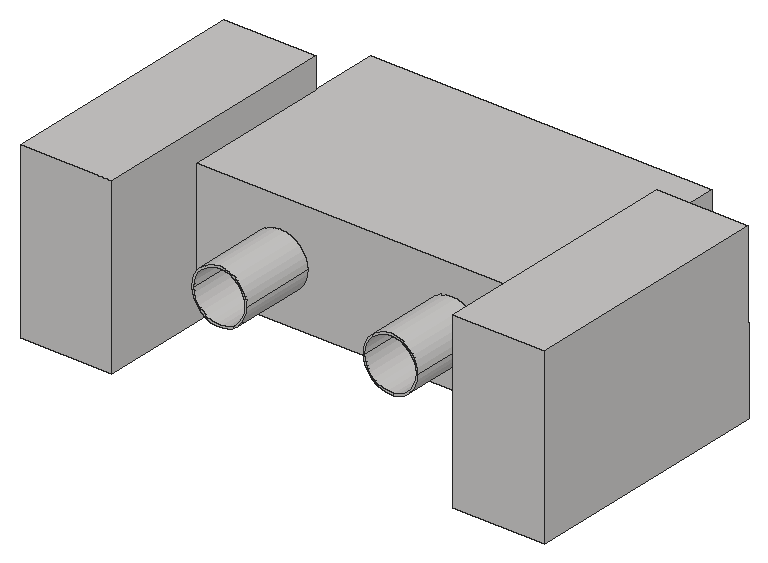
Revit family
Parameters
  Width = 2' - 0 1/8"
  Unit Weight = "38.0 lbs"
  URL = "http://www.titus-hvac.com/"
  UL = "181"
  SteriLoc Liner = Liner Option = 3  # no
  Outlet Width = Width  # 2' - 0 1/8"
  Outlet Height = Height  # 0' - 8"
  Nominal Width = Width + 1' 1"  # 3' - 1 1/8"
  Nominal Length = Length + Inlet Length  # 1' - 10 7/8"
  Nominal Inlet Size = 0' - 4"
  Nominal Height = 1' - 0 1/4"
  NFPA = "90A"
  Model = "DEDV"
  Min. Air Flow = 0 CFM
  Max. Air Flow = 225 CFM
  Material = Steel
  Manufacturer = "Titus"
  Length = 1' - 3 1/2"
  Inlet Void Radius = Inlet Radius - 0' 0 1/8"  # 0' - 1 13/16"
  Inlet Radius = Inlet Diameter / 2  # 0' - 1 15/16"
  Inlet Offset = 1' - 0 1/8"
  Inlet Length = 0' - 7 3/8"
  Inlet Diameter = Nominal Inlet Size - 0' 0 1/8"  # 0' - 3 7/8"
  Height = 0' - 8"
  Heat Air Pressure Drop [instance] = 0.00 in-wg
  Heat Air Flow [instance] = 0 CFM
  Fiber Free Liner = Liner Option = 2  # no
  Duct Radius = Nominal Inlet Size / 2  # 0' - 2"
  Design Air Flow [instance] = 0 CFM
  Description = "Dual Duct Terminal Unit, Direct Digital Control, Pressure Independent, without Integral Mixer/Attenuator"
  Liner Option = 0
  Cool Air Pressure Drop [instance] = 0.00 in-wg
  Cool Air Flow [instance] = 0 CFM
  Control Box Offset = 0' - 5 3/8"
  CADworks URL = "www.CADworks.net"
  Assembly Code = "D3040100"
  1/2" Fiberglass Liner = Liner Option = 0  # yes
  1" Fiberglass Liner = Liner Option = 1  # no
Reference planes (in)
  plane 1 "Center (Front/Back)": y = 0
  plane 2: z = 0
  plane 3 "Center (Left/Right)": x = 0
  plane 4: y = 7.75
  plane 5: y = -7.75
  plane 6: x = 12.0625
  plane 7: x = -12.0625
  plane 8: z = 4
  plane 9: z = -4
  plane 10: y = -15.125
  plane 11: x = -6.0625
  plane 12: x = 6.0625
  plane 13: y = -13.125
  plane 14: x = 18.5625
  plane 15: x = -18.5625
  plane 16: z = 6.125
  plane 17: z = -6.125
Forms (in)
  Extrusion 1, solid, material "Steel" <- "Material"
    sketch origin (33, 0, -4) x (1, 0, 0) y (0, 1, 0)
      loop
        line (-45.0625, 7.75) -> (-45.0625, -7.75) -> (-20.9375, -7.75) -> (-20.9375, 7.75) -> (-45.0625, 7.75)
    from 0 to 8
  Extrusion 2, solid, material "Steel" <- "Material"
    sketch origin (4.46221, 44.62435, -28.76939) x (1, 0, 0) y (0, 0, 1)
      loop
        line (7.60029, 34.89439) -> (7.60029, 22.64439) -> (14.10029, 22.64439) -> (14.10029, 34.89439) -> (7.60029, 34.89439)
    from 41.74935 to 59.74935
  Extrusion 3, solid, material "Steel" <- "Material"
    sketch origin (13.94938, 6.875, -28.76939) x (-1, 0, 0) y (0, 0, -1)
      loop
        line (26.01188, -34.89439) -> (32.51188, -34.89439) -> (32.51188, -22.64439) -> (26.01188, -22.64439) -> (26.01188, -34.89439)
    from 4 to 22
  Extrusion 4, solid, material "Steel" <- "Material"
    sketch origin (12, -16.75, 0) x (1, 0, 0) y (0, 0, 1)
      loop
        circle (-18.0625, 0) r 1.9375
    from -9 to -3.625
  Extrusion 5, solid, material "Steel" <- "Material"
    sketch origin (12.125, -7.75, 0) x (1, 0, 0) y (0, 0, 1)
      loop
        circle (-6.0625, 0) r 1.9375
    from 0 to 5.375
  Extrusion 6, void
    sketch origin (0, 0, 0) x (1, 0, 0) y (0, 0, 1)
      loop
        circle (-6.0625, 0) r 1.8125
    from 1.125 to 13.125
  Extrusion 7, void
    sketch origin (0, 0, 0) x (1, 0, 0) y (0, 0, 1)
      loop
        circle (6.0625, 0) r 1.8125
    from 1.125 to 13.125
Cuts and joins
  Extrusion 6, Extrusion 7 cuts Extrusion 1
  Extrusion 6 cuts Extrusion 4
  Extrusion 7 cuts Extrusion 5
Dimensions and locks (in)
  "Height": plane 8 to plane 9
  equal spacing: plane 8, plane 2, plane 9
  "Width": plane 7 to plane 6
  equal spacing: plane 7, plane 3 "Center (Left/Right)", plane 6
  "Length": plane 4 to plane 5
  equal spacing: plane 4, plane 1 "Center (Front/Back)", plane 5
  locked: Extrusion 2 to Extrusion 2 at 18
  locked: Extrusion 2 sketch curve to Extrusion 2 sketch curve at 6.5
  locked: Extrusion 2 sketch curve to Extrusion 2 sketch curve at 12.25
  equal spacing: Extrusion 2 sketch curve, plane 2, Extrusion 2 sketch curve
  locked: Extrusion 3 to Extrusion 3 at 18
  locked: Extrusion 3 sketch curve to Extrusion 3 sketch curve at 6.5
  locked: Extrusion 3 sketch curve to Extrusion 3 sketch curve at 12.25
  equal spacing: Extrusion 3 sketch curve, plane 2, Extrusion 3 sketch curve
  "Inlet Length": plane 5 to plane 10
  "Inlet Offset": plane 12 to plane 11
  equal spacing: plane 12, plane 3 "Center (Left/Right)", plane 11
  "Control Box Offset": plane 5 to plane 13
  "Inlet Radius": plane 11 to cut or joined group of Extrusion 4, Extrusion 6
  "Inlet Radius": plane 12 to cut or joined group of Extrusion 5, Extrusion 7
  "Inlet Radius": radius of Extrusion 4 sketch curve
  "Inlet Radius": radius of Extrusion 5 sketch curve
  "Inlet Void Radius": radius of Extrusion 6 sketch curve
  "Inlet Void Radius": radius of Extrusion 7 sketch curve
  aligned and locked: plane 4 to Extrusion 1
  aligned and locked: plane 7 to Extrusion 1
  aligned and locked: plane 5 to Extrusion 1
  aligned and locked: plane 6 to Extrusion 1
  aligned and locked: plane 8 to Extrusion 1
  aligned and locked: plane 9 to Extrusion 1
  aligned and locked: plane 10 to Extrusion 2
  aligned and locked: plane 10 to Extrusion 3
  aligned and locked: plane 13 to Extrusion 4
  aligned and locked: plane 5 to Extrusion 4
  aligned and locked: plane 13 to Extrusion 5
  aligned and locked: plane 5 to Extrusion 5
  aligned and locked: Extrusion 6 to plane 13
  aligned and locked: plane 13 to cut or joined group of Extrusion 4, Extrusion 6
  aligned and locked: plane 13 to cut or joined group of Extrusion 5, Extrusion 7  (x2)
  aligned and locked: Extrusion 7 to plane 13
  aligned and locked: Extrusion 2 to cut or joined group of Extrusion 1, Extrusion 6, Extrusion 7
  aligned and locked: plane 6 to cut or joined group of Extrusion 1, Extrusion 6, Extrusion 7
  aligned and locked: Extrusion 3 to cut or joined group of Extrusion 1, Extrusion 6, Extrusion 7
  aligned and locked: cut or joined group of Extrusion 1, Extrusion 6, Extrusion 7 to plane 7
Automatic sketch dimensions
  Extrusion 1 sketch curve to plane 5 = 0' - 0"
  plane 7 to Extrusion 1 sketch curve = 0' - 0"
  plane 6 to Extrusion 1 sketch curve = 0' - 0"
  Extrusion 1 sketch curve to plane 4 = 0' - 0"
  plane 6 to Extrusion 2 sketch curve = 0' - 0"
  Extrusion 3 sketch curve to plane 7 = 0' - 0"
  Extrusion 4 sketch curve to level = 0' - 0"
  Extrusion 4 sketch curve to plane 11 = 0' - 0"
  Extrusion 5 sketch curve to level = 0' - 0"
  Extrusion 5 sketch curve to plane 12 = 0' - 0"
  Extrusion 6 sketch curve to level = 0' - 0"
  Extrusion 6 sketch curve to plane 11 = 0' - 0"
  Extrusion 7 sketch curve to level = 0' - 0"
  Extrusion 7 sketch curve to plane 12 = 0' - 0"
Connectors (in)
  hvac at (-6.0625, -13.125, 0), driven by "Duct Radius", driven by "Heat Air Pressure Drop", driven by "Heat Air Flow"
    settings: on cut or joined group of Extrusion 4, Extrusion 6, index 1
  hvac at (6.0625, -13.125, 0), driven by "Duct Radius", driven by "Cool Air Pressure Drop", driven by "Cool Air Flow"
    settings: on cut or joined group of Extrusion 5, Extrusion 7, index 2
  hvac at (0, 7.75, 0), driven by "Outlet Height", driven by "Outlet Width", driven by "Design Air Flow"
    settings: on cut or joined group of Extrusion 1, Extrusion 6, Extrusion 7, index 3
